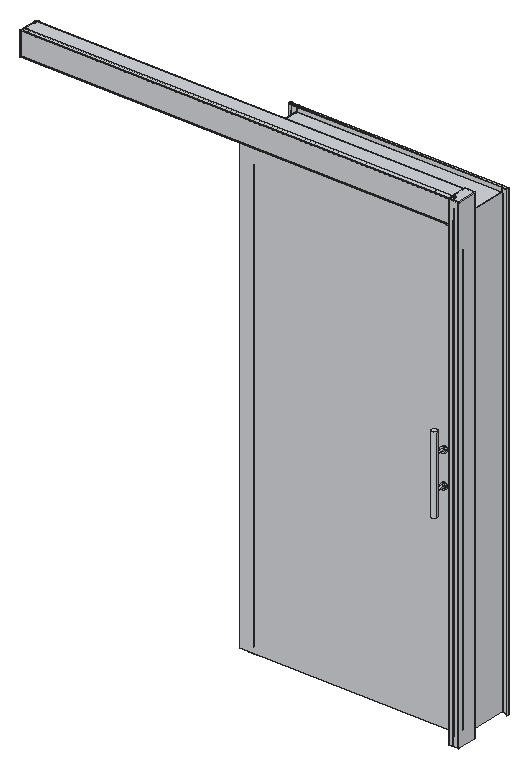
Revit family "R0000104", category Türen, Revit 2021 (continued)
Definition of nested family "JW-Türblatt-Schiebetürzargen_Modell-21"
  Forms (mm)
    Extrusion 1, solid, material <- "Material - Türblatt", detail levels medium+fine
      sketch origin (0, 0, 0) x (1, 0, 0) y (0, 1, 0)
        loop
          line (31, 130) -> (31, 88) -> (1016, 88) -> (1016, 130) -> (31, 130)
      from 9.5 to 2119.5
    Extrusion 2, void
      sketch origin (31, -12.856, 0) x (0, 1, 0) y (0, 0, 1)
        loop
          line (130.856, 45.5) -> (112.856, 45.5) -> (112.856, 9.5) -> (130.856, 9.5) -> (130.856, 45.5)
      from 1 to 984
    Extrusion 3, solid, material <- "Material - Türblatt", visible <- "Aufdopplung", detail levels fine
      sketch origin (0, 0, 0) x (1, 0, 0) y (0, 1, 0)
        loop
          line (736, 133) -> (736, 130) -> (776, 130) -> (776, 133) -> (736, 133)
      from 9.5 to 2119.5
  Cuts and joins
    Extrusion 2 cuts Extrusion 1
  Dimensions and locks
    "Türblattstärke": plane 5 to plane 6
    "Türblattabstand unten": plane 7 to plane 2
    "TAB Türblatt Außenmaß Breite": plane 3 to plane 4
    "TAH Türblatt Außenmaß Höhe": plane 8 to plane 7
    equal spacing: plane 5, plane 1, plane 6
    "Griffposition": plane 3 to plane 10 "Griff"
    "Türblattreferenz": plane 11 "LDB links" to plane 4
    "Aufdopplungstiefe": Extrusion 3 sketch curve to Extrusion 3 sketch curve
    "Aufdopplungsbreite": Extrusion 3 sketch curve to Extrusion 3 sketch curve
    "Aufdopplungslage": Extrusion 3 to plane 4
    "Griffhöhe": plane 9 to plane 7
    "Führungsnutbreite": Extrusion 2 sketch curve to Extrusion 2 sketch curve
    equal spacing: Extrusion 2 sketch curve, plane 1, Extrusion 2 sketch curve
    "Führungsnuttiefe": Extrusion 2 sketch curve to Extrusion 2 sketch curve
    "Bekleidung": plane 3 to plane 13
    "Bekleidung": plane 12 to plane 4
    aligned and locked: level to plane 2
    aligned and locked: Extrusion 1 sketch curve to plane 4
    aligned and locked: Extrusion 1 sketch curve to plane 5
    aligned and locked: Extrusion 1 sketch curve to plane 6
    aligned and locked: plane 3 to Extrusion 1 sketch curve
    aligned and locked: Extrusion 1 to plane 7
    aligned and locked: Extrusion 1 to plane 8
    aligned and locked: plane 5 to Extrusion 3 sketch curve
    aligned and locked: Extrusion 3 to plane 8
    aligned and locked: plane 7 to Extrusion 2 sketch curve
    aligned and locked: plane 6 to nested 1
    aligned and locked: plane 5 to nested 2
    aligned and locked: nested 2 to plane 10 "Griff"
    aligned and locked: nested 1 to plane 10 "Griff"
    aligned and locked: plane 9 to nested 2
    aligned and locked: plane 9 to nested 1
    aligned and locked: Extrusion 3 to plane 7
    aligned and locked: plane 12 to Extrusion 2
    aligned and locked: Extrusion 2 to plane 13
  Automatic sketch dimensions
    Extrusion 3 sketch curve to plane 10 "Griff" = 225 mm
  Nested families
    nested 1: "JW-Griffstange_Modell-21" at (961, 88, 1002.5), visible <- "Griffstange", type "JW-Griffstange_Modell-21", detail levels fine
      with Grifftiefe 46 mm
    nested 2: "JW-Griffstange_Modell-21" at (961, 130, 1002.5) x (-1, 0, 0) z (0, 0, 1), visible <- "Griffstange", type "JW-Griffstange_Modell-21", detail levels fine
      with Grifftiefe 46 mm
  Definition of nested family "JW-Griffstange_Modell-21"
    Parameters (values of type "JW-Griffstange_Modell-21")
      Default Elevation = 0 mm
      URL = "www.jeld-wen.de"
      Material - Türgriff = none
      Manufacturer = "JELD-WEN Deutschland GmbH & Co. KG"
      Griffradius = 12.5 mm
      Grifflänge = 350 mm
      Grifftiefe = 60 mm
      Model = ""
      Description = "Griffstange"
      Keynote = "JW Modell"
      Jeld-Wen Architektenberatung = "Tel.: +49 9082 71333; E-Mail: architekten@jeldwen.com"
      Jeld-Wen Mediaportal = "https://oxomi.com/p/2025099"
      Abstand = 150 mm
    Reference planes
      plane 1: y = 0
      plane 2: z = 0
      plane 3: x = 0
      plane 4: z = 75
      plane 5: z = -75
      plane 6: y = -60
      plane 7: z = 175
      plane 8: z = -175
    Forms (mm)
      Extrusion 1, solid, material <- "Material - Türgriff"
        sketch origin (0, 0, -30) x (1, 0, 0) y (0, 0, 1)
          loop
            circle (0, 105) r 12.5
          loop
            circle (0, -45) r 12.5
        from 0 to 10
      Extrusion 2, solid, material <- "Material - Türgriff"
        sketch origin (0, 0, 0) x (1, 0, 0) y (0, 1, 0)
          loop
            circle (0, -60) r 12.5
        from -175 to 175
      Extrusion 3, solid, material <- "Material - Türgriff"
        sketch origin (0, 0, 0) x (1, 0, 0) y (0, 0, 1)
          loop
            circle (0, 75) r 5
          loop
            circle (0, -75) r 5
        from 10 to 60
    Cuts and joins
      joined: Extrusion 1, Extrusion 2, Extrusion 3
    Dimensions and locks
      equal spacing: plane 4, plane 2, plane 5
      "Abstand": plane 4 to plane 5
      equal spacing: plane 7, plane 2, plane 8
      "Grifflänge": plane 7 to plane 8
      "Grifftiefe": plane 1 to plane 6
      "Griffradius": radius of Extrusion 2 sketch curve
      "Griffradius": radius of Extrusion 1 sketch curve  (x2)
      aligned and locked: Extrusion 2 to plane 8
      aligned and locked: plane 7 to Extrusion 2
      aligned and locked: plane 6 to Extrusion 3
      aligned and locked: Extrusion 3 to Extrusion 1
    Automatic sketch dimensions
      Extrusion 3 sketch curve to plane 3 = 0 mm  (x2)
      Extrusion 3 sketch curve to plane 5 = 0 mm
      Extrusion 3 sketch curve to plane 4 = 0 mm
      Extrusion 1 sketch curve to plane 3 = 0 mm  (x2)
      Extrusion 1 sketch curve to plane 5 = 0 mm
      Extrusion 1 sketch curve to plane 4 = 0 mm
      Extrusion 2 sketch curve to plane 3 = 0 mm
      plane 6 to Extrusion 2 sketch curve = 0 mm
      radius of Extrusion 3 sketch curve = 5 mm  (x2)
Definition of nested family "BOS-Info-Texte_Beschriftung-21"
  Parameters (values of type "Drückerhöhe Warnung")
    Unten = yes
    Schwarz = yes
    Rot = no
    Oben = no
    Info-Text En unten = "Please take the handle depth/height and/or DIN opening direction into account!"
    Info-Text De unten = "Drückertiefen/-höhen und/oder DIN Richtungen beachten/anpassen!"
    Info-Text En oben = "Kein Text"
    Englisch unten rot = and(and(Unten, Englisch), Rot)  # no
    Englisch unten schwarz = and(and(Unten, Englisch), Schwarz)  # no
    Englisch oben rot = and(and(Oben, Englisch), Rot)  # no
    Englisch oben schwarz = and(and(Oben, Englisch), Schwarz)  # no
    Info-Text De oben = "Kein Text"
    Warndreieck = yes
    Fehlerkreis = no
    Englisch = no
    Deutsch unten rot = and(and(Unten, Deutsch), Rot)  # no
    Deutsch unten schwarz = and(and(Unten, Deutsch), Schwarz)  # yes
    Deutsch oben rot = and(and(Oben, Deutsch), Rot)  # no
    Deutsch oben schwarz = and(and(Oben, Deutsch), Schwarz)  # no
    Deutsch = not(Englisch)  # yes
    Ausrufezeichen = "!"
  Types (15, lengths in mm): name | Unten | Schwarz | Rot | Oben | Info-Text En unten | Info-Text De unten | Info-Text En oben | Info-Text De oben | Warndreieck | Fehlerkreis | Deutsch unten schwarz | Deutsch oben rot | Deutsch oben schwarz
    Rechtliche Hinweise | no | yes | no | yes | "Kein Text" | "Kein Text" | "In accordance with the protection note according to DIN 34, the ownership and copyrights are reserved!\r\n© 2016 BOS GmbH, Emsdetten, Germany -\r\nObserve the ISO 16016 protective label (see ID data)!\r\n\r\nSubject to technical change!" | "Entsprechend dem Schutzvermerk nach DIN 34 behalten wir uns Eigentum und Urheberrecht vor!\r\n© 2016 BOS GmbH, Emsdetten, Deutschland -\r\nSchutzvermerk ISO 16016 beachten (siehe ID-Daten)!\r\n\r\nTechnische Änderungen vorbehalten!" | no | no | no | no | yes
    Maulweite Fehlermeldung | no | yes | no | yes | "Kein Text" | "Kein Text" | "Check the wall thickness!" | "Wandstärke prüfen!" | no | yes | no | no | yes
    Verstellbereich | no | yes | no | yes | "Kein Text" | "Kein Text" | "Adjustment area from -5 to +15mm,\r\nother adjustment areas possible" | "Verstellbereich von -5 bis +15mm\r\nanderer Verstellbereich möglich" | no | no | no | no | yes
    Verstellbereich wSvdW | no | yes | no | yes | "Kein Text" | "Kein Text" | "Adjustment area in the soffit from -2 to +15mm,\r\nother adjustment areas possible" | "Verstellbereich in der Zargenleibung von -2 bis +15mm\r\nanderer Verstellbereich möglich" | no | no | no | no | yes
    Wandartauswahl 15Nz15Z | no | yes | no | yes | "Kein Text" | "Kein Text" | "Attention for stud walls: underlay from site required!\r\nFor DIN door leaves, select larger structural wall measurements.\r\nFor selection \"stud walls\":\r\nsee 'Features' (remove tick for brick walls)" | "Achtung bei Ständerwerk: bauseitige Unterfütterung erforderlich!\r\nBei DIN-Türblatt Rohbaumaße größer wählen.\r\nFür Auswahl \"Ständerwerk\": \r\nsiehe 'Eigenschaften' (Häkchen entfernen bei Mauerwerk)." | no | no | no | no | yes
    Technische Hinweise | no | yes | no | yes | "Kein Text" | "Kein Text" | "Due to manufacturing reasons this Revit family may not be changed\r\nwithout consulting BOS!\r\n\r\nDo not mirror frames (door list)!\r\nsee ‘Features’: DIN left / DIN right\r\n\r\nThe solid and stud walls or, for example, their profiles,\r\nmust be designed so that they can reliably and sustainably\r\nabsorb the static and dynamic forces resulting\r\nfrom the load on the door element used." | "Diese Revit-Familie darf aus fertigungstechnischen Gründen\r\nnicht ohne Rücksprache mit BOS abgeändert werden!\r\n\r\nZargen nicht spiegeln (Türliste)!\r\nsiehe 'Eigenschaften': DIN links / DIN rechts\r\n\r\nDie Massiv- und Ständerwerkswände bzw. deren Profile\r\nmüssen so ausgebildet sein, dass sie die statischen\r\nund dynamischen Kräfte, welche sich aus der Belastung\r\ndes verwendeten Türelements ergeben, zuverlässig\r\nund nachhaltig aufnehmen können." | no | no | no | no | yes
    Drückerhöhe Warnung | yes | yes | no | no | "Please take the handle depth/height and/or DIN opening direction into account!" | "Drückertiefen/-höhen und/oder DIN Richtungen beachten/anpassen!" | "Kein Text" | "Kein Text" | yes | no | yes | no | no
    Maulweite-Dehnungsfuge Fehlermeldung | no | yes | no | yes | "Kein Text" | "Kein Text" | "Check the wall thickness and/or expansion joint!" | "Wandstärke und/oder Dehnungsfuge prüfen!" | no | yes | no | no | yes
    Technische Hinweise Norm | no | yes | no | yes | "Kein Text" | "Kein Text" | "Due to manufacturing reasons this Revit family may not be changed\r\nwithout consulting BOS!\r\n\r\nThe solid and stud walls or, for example, their profiles,\r\nmust be designed so that they can reliably and sustainably\r\nabsorb the static and dynamic forces resulting\r\nfrom the load on the door element used." | "Diese Revit-Familie darf aus fertigungstechnischen Gründen\r\nnicht ohne Rücksprache mit BOS abgeändert werden!\r\n\r\nDie Massiv- und Ständerwerkswände bzw. deren Profile\r\nmüssen so ausgebildet sein, dass sie die statischen\r\nund dynamischen Kräfte, welche sich aus der Belastung\r\ndes verwendeten Türelements ergeben, zuverlässig\r\nund nachhaltig aufnehmen können." | no | no | no | no | yes
    Maßauswahl | no | no | yes | yes | "Kein Text" | "Kein Text" | "To choose  Rebate Width/Height Measurement, Receiving Opening\r\nsee 'Features'" | "Auswahl von FMB, FMH, MW\r\nunter 'Eigenschaften'" | no | no | no | yes | no
    Rohbaumaß Warnung (Spiegelbreiten) | no | yes | no | yes | "Kein Text" | "Kein Text" | "For DIN door leaves, select larger structural wall measurements!\r\nWhen changing the architrave widths, the structural measurements change accordingly." | "Bei DIN-Türblatt Rohbaumaße größer wählen!\r\nBei Änderung der Spiegelbreiten, Rohbaumaße beachten." | no | no | no | no | yes
    Drehpunkt Warnung | no | yes | no | yes | "Kein Text" | "Kein Text" | "The actual pivot point of the door leaf\r\nmay differ from the one illustrated!" | "Der tatsächliche Drehpunkt des Türblattes\r\nkann von der Darstellung abweichen!" | no | no | no | no | yes
    Türblattgewicht Hinweis | no | yes | no | yes | "Kein Text" | "Kein Text" | "Attention! Take door leaf weight into account!\r\nSee Webseite" | "Achtung! Türblattgewicht beachten!\r\nSiehe Webseite" | no | no | no | no | yes
    Pendeltürbänder Hinweis | no | yes | no | yes | "Kein Text" | "Kein Text" | "Please observe the instructions for the double action spring hinges\r\ngiven by the door hinge manufacturer Frivado\r\nregarding door leaf width, height and thickness!" | "Die Angaben zu den Pendeltürbändern\r\ndes Herstellers Fridavo beachten: zu \r\nTürblattbreite, -höhe, -dicke und -gewicht!" | no | no | no | no | yes
    Rohbaumaß Warnung | no | yes | no | yes | "Kein Text" | "Kein Text" | "For DIN door leaves, select larger structural wall measurements!" | "Bei DIN-Türblatt Rohbaumaße größer wählen!" | no | no | no | no | yes
  Reference planes
    plane 1: y = 0.955
    plane 2: x = 0
  Lines and regions (mm)
    Filled region 1, type "Gefüllter Bereich Gelb", visible <- "Warndreieck"
      outline origin (-7.188, 1.747, 0) x (1, 0, 0) y (0, 1, 0)
        loop
          line (5.951, -3.033) -> (8.413, -3.033) -> (7.182, -0.9) -> (5.951, -3.033)
    Filled region 2, type "Gefüllter Bereich Rot", visible <- "Fehlerkreis"
      outline origin (0, -3.763, 0) x (1, 0, 0) y (0, 1, 0)
        loop
          circle (0, 3.1) r 1.5
        loop
          line (-0.937, 3.486) -> (-0.937, 2.686) -> (1.023, 2.686) -> (1.023, 3.486) -> (-0.937, 3.486)
    Filled region 3, type "Gefüllter Bereich Weiss", visible <- "Fehlerkreis"
      outline origin (-7.014, -2.062, 0) x (1, 0, 0) y (0, 1, 0)
        loop
          line (6.077, 1.785) -> (6.077, 0.985) -> (8.038, 0.985) -> (8.038, 1.785) -> (6.077, 1.785)
  Text (mm)
    label "Info-Text De oben schwarz" at (0.065, 1.415, 0), shows "Info-Text De oben", visible <- "Deutsch oben schwarz"
    label "!" at (0.065, -0.414, 0), shows "Ausrufezeichen", visible <- "Warndreieck"
    label "Info-Text En oben schwarz" at (0.065, 1.415, 0), shows "Info-Text En oben", visible <- "Englisch oben schwarz"
    label "Info-Text De unten schwarz" at (0.218, -2.468, 0), shows "Info-Text De unten", visible <- "Deutsch unten schwarz"
    label "Info-Text En unten schwarz" at (0.065, -2.419, 0), shows "Info-Text En unten", visible <- "Englisch unten schwarz"
    label "Info-Text En oben rot" at (0.065, 1.415, 0), shows "Info-Text En oben", visible <- "Englisch oben rot"
    label "Info-Text En unten rot" at (0.065, -2.419, 0), shows "Info-Text En unten", visible <- "Englisch unten rot"
    label "Info-Text De unten rot" at (0.065, -2.419, 0), shows "Info-Text De unten", visible <- "Deutsch unten rot"
    label "Info-Text De oben rot" at (-0.371, 1.396, 0), shows "Info-Text De oben", visible <- "Deutsch oben rot"
Definition of nested family "BOS-Logo_Modell-21"
  Parameters (values of type "BOS-Logo_Modell-21")
    Default Elevation = 0 mm
    URL = "www.BestOfSteel.de"
    Rechtliche Hinweise = "www.BestOfSteel.de/tools-downloads/bim-building-information-modeling/"
    Description = "BOS Logo"
    Keynote = "BOS Logo"
    BOS-Architekten-Beratung = "Tel.: +49 (0) 2572 203-203; E-Mail: architekten@BestOfSteel.de"
    Technische Infos rund um die Stahlzarge = "www.BestOfSteel.de/tools-downloads/technische-infos-rund-um-die-stahlzarge/"
    Abstand vertikal = 10 mm
    Abstand horizontal = 8.5 mm
  Reference planes
    plane 1: y = 0
    plane 2: z = 0
    plane 3: x = 0
    plane 4: x = -7
    plane 5: x = 7
    plane 6: y = 8.299
    plane 7: x = 8.5
    plane 8: y = 4.15
    plane 9: x = -8.5
    plane 10: y = 14.15
    plane 11: y = -5.85
  Dimensions and locks
    plane 4 to plane 3 to plane 5 = 7 mm, 7 mm
    "Abstand vertikal": plane 11 to plane 8 to plane 10
    plane 6 to plane 8 to plane 1 = 4.15 mm, 4.15 mm
    "Abstand horizontal": plane 9 to plane 3
    "Abstand horizontal": plane 3 to plane 7
    aligned and locked: level to plane 2
Definition of nested family "BOS-loser-Nagelanker-SvdW-D(SK2)_Detail-21"
  Parameters (values of type "BOS loser Nagelanker links SvdW-D(SK2)")
    URL = "www.BestOfSteel.de"
    Rechtliche Hinweise = "www.BestOfSteel.de/tools-downloads/bim-building-information-modeling/"
    Nagelanker vorne = yes
    MW Maulweite = 200 mm
    BOS-Architekten-Beratung = "Tel.: +49 (0) 2572 203-203; E-Mail: architekten@BestOfSteel.de"
    Technische Infos rund um die Stahlzarge = "www.BestOfSteel.de/tools-downloads/technische-infos-rund-um-die-stahlzarge/"
    Manufacturer = "BOS GmbH Best Of Steel, Lütkenfelde 4, D-48282 Emsdetten"
    Einfügepunkt = 37 mm
    Blechstärke = 1.5 mm
    Description = "loser Nagelanker für LineaOutside"
    Keynote = "BOS Detail"
    Abstandwinkel vorne = not(Nagelanker vorne)  # no
  Types (2, lengths in mm): name | Nagelanker vorne | Abstandwinkel vorne
    BOS loser Nagelanker rechts SvdW-D(SK2) | no | yes
    BOS loser Nagelanker links SvdW-D(SK2) | yes | no
  Reference planes
    plane 1: z = 0
    plane 2: y = 150
    plane 3: x = -15
    plane 4: y = -50
    plane 5: y = 135
    plane 6: x = 20.5
    plane 7: x = -135
    plane 8: x = 22
    plane 9: x = -10
    plane 10: y = 50
    plane 11: y = -35
  Lines and regions (mm)
    detail lines, in view "Ref.-Ebene"
      curve 1: line (-135, 135, 0) -> (-10, 135, 0)
      curve 2: line (-10, 135, 0) -> (-10, -35, 0)
      curve 3: line (-10, -35, 0) -> (-135, -35, 0)
      curve 4: line (-15, 135, 0) -> (-15, -35, 0)
      curve 58: arc (-19.202, 135, 0) -> (-18.228, 135.12, 0) -> (-17.313, 135.474, 0) r 4
      curve 59: arc (-3.947, 145.443, 0) -> (-4.914, 145.337, 0) -> (-5.836, 145.026, 0) r 4.486
      curve 60: arc (15.664, 142.5, 0) -> (20.572, 146.685, 0) -> (17.215, 152.192, 0) r 4.97
      curve 61: arc (15.664, 145.443, 0) -> (17.65, 147.062, 0) -> (16.465, 149.333, 0) r 2.027
      curve 62: arc (7.685, 153.348, 0) -> (10.047, 151.387, 0) -> (12.882, 150.207, 0) r 10.319
      curve 63: line (-4.198, 142.5, 0) -> (-17.313, 135.474, 0)
      curve 64: line (-5.836, 145.026, 0) -> (-18.951, 138, 0)
      curve 65: line (-18.951, 138, 0) -> (-84.231, 138, 0)
      curve 66: line (17.215, 152.192, 0) -> (-6.189, 158.2, 0)
      curve 67: line (-6.189, 158.2, 0) -> (-6.5, 156.989, 0)
      curve 68: line (12.882, 150.207, 0) -> (16.465, 149.333, 0)
      curve 69: line (15.664, 142.5, 0) -> (-4.198, 142.5, 0)
      curve 70: line (15.664, 145.443, 0) -> (-3.947, 145.443, 0)
      curve 71: line (-19.202, 135, 0) -> (-104.365, 135, 0)
      curve 72: arc (-89.72, 136.25, 0) -> (-87.104, 137.529, 0) -> (-84.231, 138, 0) r 9.994
      curve 73: line (-104.365, 135, 0) -> (-104.365, 136.25, 0)
      curve 75: arc (-19.202, 136.25, 0) -> (-18.532, 136.333, 0) -> (-17.903, 136.576, 0) r 2.75
      curve 76: arc (-3.947, 143.75, 0) -> (-4.495, 143.682, 0) -> (-5.009, 143.483, 0) r 2.25
      curve 77: arc (15.488, 143.75, 0) -> (19.175, 146.813, 0) -> (16.839, 150.998, 0) r 3.75
      curve 78: line (-19.202, 136.25, 0) -> (-104.365, 136.25, 0)
      curve 79: line (-5.009, 143.483, 0) -> (-17.903, 136.576, 0)
      curve 80: line (-23.512, 136.25, 0) -> (-23.512, 135, 0)
      curve 81: line (-6.5, 156.989, 0) -> (16.839, 150.998, 0)
      curve 82: line (15.488, 143.75, 0) -> (-3.947, 143.75, 0)
    detail lines, in view "Ref.-Ebene", visible <- "Abstandwinkel vorne"
      curve 5: arc (20.5, -46, 0) -> (19.328, -48.828, 0) -> (16.5, -50, 0) r 4
      curve 6: arc (17.5, -46, 0) -> (17.207, -46.707, 0) -> (16.5, -47, 0) r 1
      curve 7: arc (15.5, -36, 0) -> (16.207, -36.293, 0) -> (16.5, -37, 0) r 1
      curve 8: arc (15.5, -35, 0) -> (16.914, -35.586, 0) -> (17.5, -37, 0) r 2
      curve 9: line (15.5, -35, 0) -> (-107.5, -35, 0)
      curve 10: line (16.5, -50, 0) -> (0.5, -50, 0)
      curve 11: line (0.5, -50, 0) -> (0.5, -47, 0)
      curve 12: line (0.5, -47, 0) -> (16.5, -47, 0)
      curve 13: line (15.5, -36, 0) -> (-107.5, -36, 0)
      curve 14: line (16.5, -37, 0) -> (16.5, -46, 0)
      curve 15: line (16.5, -46, 0) -> (17.5, -46, 0)
      curve 16: line (17.5, -46, 0) -> (17.5, -15, 0)
      curve 17: line (17.5, -15, 0) -> (20.5, -15, 0)
      curve 18: line (20.5, -15, 0) -> (20.5, -46, 0)
      curve 83: line (-107.5, -35, 0) -> (-107.5, -36, 0)
    detail lines, in view "Ref.-Ebene", visible <- "Abstandwinkel vorne", not visible
      curve 19: arc (130.325, 97.294, 0) -> (129.153, 94.466, 0) -> (126.325, 93.294, 0) r 4
      curve 20: arc (127.325, 97.294, 0) -> (127.032, 96.587, 0) -> (126.325, 96.294, 0) r 1
      curve 21: arc (125.325, 107.294, 0) -> (126.032, 107.001, 0) -> (126.325, 106.294, 0) r 1
      curve 22: arc (125.325, 108.294, 0) -> (126.739, 107.708, 0) -> (127.325, 106.294, 0) r 2
      curve 23: line (125.325, 108.294, 0) -> (2.325, 108.294, 0)
      curve 24: line (126.325, 93.294, 0) -> (110.325, 93.294, 0)
      curve 25: line (110.325, 93.294, 0) -> (110.325, 96.294, 0)
      curve 26: line (110.325, 96.294, 0) -> (126.325, 96.294, 0)
      curve 27: line (125.325, 107.294, 0) -> (2.325, 107.294, 0)
      curve 28: line (126.325, 106.294, 0) -> (126.325, 97.294, 0)
      curve 29: line (126.325, 97.294, 0) -> (127.325, 97.294, 0)
      curve 30: line (127.325, 97.294, 0) -> (127.325, 128.294, 0)
      curve 31: line (127.325, 128.294, 0) -> (130.325, 128.294, 0)
      curve 32: line (130.325, 128.294, 0) -> (130.325, 97.294, 0)
      curve 84: line (2.325, 108.294, 0) -> (2.325, 107.294, 0)
    detail lines, in view "Ref.-Ebene", not visible
      curve 33: arc (-156.874, -155.441, 0) -> (-155.9, -155.562, 0) -> (-154.985, -155.915, 0) r 4
      curve 34: arc (-141.619, -165.884, 0) -> (-142.586, -165.779, 0) -> (-143.507, -165.467, 0) r 4.486
      curve 35: arc (-122.007, -162.941, 0) -> (-117.1, -167.126, 0) -> (-120.456, -172.633, 0) r 4.97
      curve 36: arc (-122.007, -165.884, 0) -> (-120.022, -167.503, 0) -> (-121.207, -169.774, 0) r 2.027
      curve 37: arc (-129.986, -173.789, 0) -> (-127.624, -171.828, 0) -> (-124.79, -170.648, 0) r 10.319
      curve 38: line (-141.87, -162.941, 0) -> (-154.985, -155.915, 0)
      curve 39: line (-143.507, -165.467, 0) -> (-156.623, -158.441, 0)
      curve 40: line (-156.623, -158.441, 0) -> (-221.903, -158.441, 0)
      curve 41: line (-120.456, -172.633, 0) -> (-143.861, -178.641, 0)
      curve 42: line (-143.861, -178.641, 0) -> (-144.172, -177.43, 0)
      curve 43: line (-124.79, -170.648, 0) -> (-121.207, -169.774, 0)
      curve 44: line (-122.007, -162.941, 0) -> (-141.87, -162.941, 0)
      curve 45: line (-122.007, -165.884, 0) -> (-141.619, -165.884, 0)
      curve 46: line (-156.874, -155.441, 0) -> (-242.036, -155.441, 0)
      curve 47: arc (-227.391, -156.691, 0) -> (-224.776, -157.97, 0) -> (-221.903, -158.441, 0) r 9.994
      curve 48: line (-242.036, -155.441, 0) -> (-242.036, -156.691, 0)
      curve 50: arc (-156.874, -156.691, 0) -> (-156.204, -156.774, 0) -> (-155.575, -157.017, 0) r 2.75
      curve 51: arc (-141.619, -164.191, 0) -> (-142.166, -164.123, 0) -> (-142.681, -163.925, 0) r 2.25
      curve 52: arc (-122.183, -164.191, 0) -> (-118.497, -167.254, 0) -> (-120.833, -171.44, 0) r 3.75
      curve 53: line (-156.874, -156.691, 0) -> (-242.036, -156.691, 0)
      curve 54: line (-142.681, -163.925, 0) -> (-155.575, -157.017, 0)
      curve 55: line (-161.183, -156.691, 0) -> (-161.183, -155.441, 0)
      curve 56: line (-144.172, -177.43, 0) -> (-120.833, -171.44, 0)
      curve 57: line (-122.183, -164.191, 0) -> (-141.619, -164.191, 0)
    reference lines, in view "Ref.-Ebene", not visible
      curve 49: line (-117.172, -159.474, 0) -> (-117.172, -179.474, 0)
      curve 134: line (-107.172, -159.474, 0) -> (-107.172, -179.474, 0)
    reference lines, in view "Ref.-Ebene"
      curve 74: line (20.5, 139.033, 0) -> (20.5, 159.033, 0)
      curve 133: line (20.5, -39.033, 0) -> (20.5, -59.033, 0)
    detail lines, in view "Ref.-Ebene", visible <- "Nagelanker vorne"
      curve 85: arc (-29.202, -35, 0) -> (-28.228, -35.12, 0) -> (-27.313, -35.474, 0) r 4
      curve 86: arc (-13.947, -45.443, 0) -> (-14.914, -45.337, 0) -> (-15.836, -45.026, 0) r 4.486
      curve 87: arc (5.664, -42.5, 0) -> (10.572, -46.685, 0) -> (7.215, -52.192, 0) r 4.97
      curve 88: arc (5.664, -45.443, 0) -> (7.65, -47.062, 0) -> (6.465, -49.333, 0) r 2.027
      curve 89: arc (-2.315, -53.348, 0) -> (0.047, -51.387, 0) -> (2.882, -50.207, 0) r 10.319
      curve 90: line (-14.198, -42.5, 0) -> (-27.313, -35.474, 0)
      curve 91: line (-15.836, -45.026, 0) -> (-28.951, -38, 0)
      curve 92: line (-28.951, -38, 0) -> (-94.231, -38, 0)
      curve 93: line (7.215, -52.192, 0) -> (-16.189, -58.2, 0)
      curve 94: line (-16.189, -58.2, 0) -> (-16.5, -56.989, 0)
      curve 95: line (2.882, -50.207, 0) -> (6.465, -49.333, 0)
      curve 96: line (5.664, -42.5, 0) -> (-14.198, -42.5, 0)
      curve 97: line (5.664, -45.443, 0) -> (-13.947, -45.443, 0)
      curve 98: line (-29.202, -35, 0) -> (-114.365, -35, 0)
      curve 99: arc (-99.72, -36.25, 0) -> (-97.104, -37.529, 0) -> (-94.231, -38, 0) r 9.994
      curve 100: line (-114.365, -35, 0) -> (-114.365, -36.25, 0)
      curve 101: arc (-29.202, -36.25, 0) -> (-28.532, -36.333, 0) -> (-27.903, -36.576, 0) r 2.75
      curve 102: arc (-13.947, -43.75, 0) -> (-14.495, -43.682, 0) -> (-15.009, -43.483, 0) r 2.25
      curve 103: arc (5.488, -43.75, 0) -> (9.175, -46.813, 0) -> (6.839, -50.998, 0) r 3.75
      curve 104: line (-29.202, -36.25, 0) -> (-114.365, -36.25, 0)
      curve 105: line (-15.009, -43.483, 0) -> (-27.903, -36.576, 0)
      curve 106: line (-33.512, -36.25, 0) -> (-33.512, -35, 0)
      curve 107: line (-16.5, -56.989, 0) -> (6.839, -50.998, 0)
      curve 108: line (5.488, -43.75, 0) -> (-13.947, -43.75, 0)
    detail lines, in view "Ref.-Ebene", visible <- "Nagelanker vorne", not visible
      curve 109: arc (-156.874, -155.441, 0) -> (-155.9, -155.562, 0) -> (-154.985, -155.915, 0) r 4
      curve 110: arc (-141.619, -165.884, 0) -> (-142.586, -165.779, 0) -> (-143.507, -165.467, 0) r 4.486
      curve 111: arc (-122.007, -162.941, 0) -> (-117.1, -167.126, 0) -> (-120.456, -172.633, 0) r 4.97
      curve 112: arc (-122.007, -165.884, 0) -> (-120.022, -167.503, 0) -> (-121.207, -169.774, 0) r 2.027
      curve 113: arc (-129.986, -173.789, 0) -> (-127.624, -171.828, 0) -> (-124.79, -170.648, 0) r 10.319
      curve 114: line (-141.87, -162.941, 0) -> (-154.985, -155.915, 0)
      curve 115: line (-143.507, -165.467, 0) -> (-156.623, -158.441, 0)
      curve 116: line (-156.623, -158.441, 0) -> (-221.903, -158.441, 0)
      curve 117: line (-120.456, -172.633, 0) -> (-143.861, -178.641, 0)
      curve 118: line (-143.861, -178.641, 0) -> (-144.172, -177.43, 0)
      curve 119: line (-124.79, -170.648, 0) -> (-121.207, -169.774, 0)
      curve 120: line (-122.007, -162.941, 0) -> (-141.87, -162.941, 0)
      curve 121: line (-122.007, -165.884, 0) -> (-141.619, -165.884, 0)
      curve 122: line (-156.874, -155.441, 0) -> (-242.036, -155.441, 0)
      curve 123: arc (-227.391, -156.691, 0) -> (-224.776, -157.97, 0) -> (-221.903, -158.441, 0) r 9.994
      curve 124: line (-242.036, -155.441, 0) -> (-242.036, -156.691, 0)
      curve 125: arc (-156.874, -156.691, 0) -> (-156.204, -156.774, 0) -> (-155.575, -157.017, 0) r 2.75
      curve 126: arc (-141.619, -164.191, 0) -> (-142.166, -164.123, 0) -> (-142.681, -163.925, 0) r 2.25
      curve 127: arc (-122.183, -164.191, 0) -> (-118.497, -167.254, 0) -> (-120.833, -171.44, 0) r 3.75
      curve 128: line (-156.874, -156.691, 0) -> (-242.036, -156.691, 0)
      curve 129: line (-142.681, -163.925, 0) -> (-155.575, -157.017, 0)
      curve 130: line (-161.183, -156.691, 0) -> (-161.183, -155.441, 0)
      curve 131: line (-144.172, -177.43, 0) -> (-120.833, -171.44, 0)
      curve 132: line (-122.183, -164.191, 0) -> (-141.619, -164.191, 0)
  Dimensions and locks
    plane 2 to plane 5 = 15 mm
    plane 7 to plane 3 = 120 mm
    "Blechstärke": plane 6 to plane 8
    "Einfügepunkt": plane 3 to plane 8
    plane 3 to plane 9 = 5 mm
    plane 11 to plane 4 = 15 mm
    "MW Maulweite": plane 2 to plane 4
    equal spacing: plane 2, plane 10, plane 4
    aligned and locked: curve 71 to plane 5
    aligned and locked: curve 18 to plane 6
    aligned and locked: plane 4 to curve 10
    aligned and locked: plane 11 to curve 98
    aligned and locked: curve 9 to curve 3
    aligned and locked: curve 133 to plane 6
    aligned and locked: plane 6 to curve 74
  Automatic sketch dimensions
    curve 35 to curve 36 = 0 mm  (x4)
    curve 48 to curve 40 = 20.134 mm
    curve 40 to curve 47 = 0.163 mm
    curve 40 to curve 53 = 65.029 mm
    curve 33 to curve 39 = 0.251 mm
    curve 50 to curve 54 = 1.299 mm
    curve 54 to curve 38 = 0.59 mm
    curve 33 to curve 42 = 12.702 mm
    curve 42 to curve 42 = 0.311 mm
    curve 42 to curve 39 = 0.664 mm
    curve 39 to curve 54 = 0.826 mm
    curve 54 to curve 38 = 0.812 mm
    curve 38 to curve 34 = 0.251 mm
    curve 51 to curve 34 = 0 mm
    curve 34 to curve 43 = 16.829 mm
    curve 43 to curve 37 = 2.503 mm
    curve 37 to curve 57 = 2.606 mm
    curve 52 to curve 45 = 0.176 mm
    curve 35 to curve 43 = 0.8 mm
    curve 36 to curve 56 = 0.374 mm
    curve 52 to curve 41 = 0.377 mm
    curve 48 to curve 47 = 6.993 mm
    curve 38 to curve 33 = 0.474 mm
    curve 53 to curve 33 = 1.25 mm
    curve 34 to curve 38 = 5.482 mm
    curve 51 to curve 34 = 0.544 mm
    curve 44 to curve 51 = 1 mm
    curve 54 to curve 38 = 0.983 mm
    curve 39 to curve 51 = 1.543 mm
    curve 35 to curve 45 = 2.027 mm
    curve 52 to curve 35 = 0.03 mm
    curve 43 to curve 36 = 0.874 mm
    curve 37 to curve 35 = 8.026 mm
    curve 47 to curve 47 = 5.489 mm
    curve 55 to curve 33 = 4.31 mm
    curve 33 to curve 50 = 0 mm  (x4)
    curve 49 to curve 49 = 20 mm
    curve 60 to curve 61 = 0 mm  (x4)
    curve 73 to curve 65 = 20.134 mm
    curve 65 to curve 72 = 0.163 mm
    curve 65 to curve 78 = 65.029 mm
    curve 58 to curve 64 = 0.251 mm
    curve 75 to curve 79 = 1.299 mm
    curve 79 to curve 63 = 0.59 mm
    curve 58 to curve 67 = 12.702 mm
    curve 67 to curve 67 = 0.311 mm
    curve 67 to curve 64 = 0.664 mm
    curve 64 to curve 79 = 0.826 mm
    curve 79 to curve 63 = 0.812 mm
    curve 63 to curve 59 = 0.251 mm
    curve 76 to curve 59 = 0 mm
    curve 59 to curve 68 = 16.829 mm
    curve 68 to curve 62 = 2.503 mm
    curve 62 to curve 82 = 2.606 mm
    curve 77 to curve 70 = 0.176 mm
    curve 60 to curve 68 = 0.8 mm
    curve 61 to curve 81 = 0.374 mm
    curve 77 to curve 66 = 0.377 mm
    curve 72 to curve 73 = 6.993 mm
    curve 58 to curve 63 = 0.474 mm
    curve 58 to curve 78 = 1.25 mm
    curve 63 to curve 59 = 5.482 mm
    curve 59 to curve 76 = 0.544 mm
    curve 76 to curve 69 = 1 mm
    curve 63 to curve 79 = 0.983 mm
    curve 76 to curve 64 = 1.543 mm
    curve 70 to curve 60 = 2.027 mm
    curve 60 to curve 77 = 0.03 mm
    curve 61 to curve 68 = 0.874 mm
    curve 60 to curve 62 = 8.026 mm
    curve 72 to curve 72 = 5.489 mm
    curve 80 to curve 58 = 4.31 mm
    curve 58 to curve 75 = 0 mm  (x4)
    curve 74 to curve 74 = 20 mm
    curve 5 to curve 6 = 0 mm  (x4)
    curve 7 to curve 8 = 0 mm  (x4)
    curve 83 to curve 11 = 108 mm
    curve 11 to curve 8 = 15 mm
    curve 7 to curve 10 = 1 mm
    curve 15 to curve 5 = 0 mm
    curve 5 to curve 15 = 1 mm
    curve 15 to curve 18 = 3 mm
    curve 5 to curve 7 = 9 mm
    curve 9 to curve 18 = 20 mm
    curve 19 to curve 20 = 0 mm  (x4)
    curve 21 to curve 22 = 0 mm  (x4)
    curve 84 to curve 25 = 108 mm
    curve 25 to curve 22 = 15 mm
    curve 21 to curve 24 = 1 mm
    curve 29 to curve 19 = 0 mm
    curve 19 to curve 29 = 1 mm
    curve 29 to curve 32 = 3 mm
    curve 19 to curve 21 = 9 mm
    curve 23 to curve 32 = 20 mm
    curve 85 to curve 101 = 0 mm  (x2)
    curve 87 to curve 88 = 0 mm  (x2)
    curve 100 to curve 92 = 20.134 mm
    curve 92 to curve 99 = 0.163 mm
    curve 92 to curve 85 = 65.029 mm
    curve 101 to curve 91 = 0.251 mm
    curve 104 to curve 105 = 1.299 mm
    curve 101 to curve 90 = 0.59 mm
    curve 85 to curve 107 = 12.702 mm
    curve 94 to curve 93 = 0.311 mm
    curve 94 to curve 91 = 0.664 mm
    curve 91 to curve 105 = 0.826 mm
    curve 102 to curve 90 = 0.812 mm
    curve 86 to curve 97 = 1.889 mm
    curve 102 to curve 108 = 1.062 mm
    curve 97 to curve 95 = 16.829 mm
    curve 89 to curve 89 = 2.503 mm
    curve 89 to curve 108 = 2.606 mm
    curve 103 to curve 87 = 0.176 mm
    curve 87 to curve 95 = 0.8 mm
    curve 88 to curve 107 = 0.374 mm
    curve 103 to curve 93 = 0.377 mm
    curve 89 to curve 93 = 2.019 mm
    curve 93 to curve 94 = 1.211 mm
    curve 107 to curve 95 = 0.791 mm
    curve 103 to curve 95 = 1.666 mm
    curve 95 to curve 103 = 1.833 mm
    curve 103 to curve 87 = 0.03 mm
    curve 86 to curve 91 = 0.417 mm
    curve 102 to curve 105 = 0.267 mm
    curve 86 to curve 101 = 6.026 mm
    curve 101 to curve 92 = 1 mm
    curve 91 to curve 105 = 1.424 mm
    curve 101 to curve 90 = 1.102 mm
    curve 99 to curve 99 = 8.243 mm
    curve 106 to curve 104 = 4.31 mm
    curve 109 to curve 125 = 0 mm  (x2)
    curve 111 to curve 112 = 0 mm  (x2)
    curve 124 to curve 116 = 20.134 mm
    curve 116 to curve 123 = 0.163 mm
    curve 116 to curve 109 = 65.029 mm
    curve 125 to curve 115 = 0.251 mm
    curve 128 to curve 129 = 1.299 mm
    curve 125 to curve 114 = 0.59 mm
    curve 109 to curve 131 = 12.702 mm
    curve 118 to curve 117 = 0.311 mm
    curve 118 to curve 115 = 0.664 mm
    curve 115 to curve 129 = 0.826 mm
    curve 126 to curve 114 = 0.812 mm
    curve 110 to curve 121 = 1.889 mm
    curve 126 to curve 132 = 1.062 mm
    curve 121 to curve 119 = 16.829 mm
    curve 113 to curve 113 = 2.503 mm
    curve 113 to curve 132 = 2.606 mm
    curve 127 to curve 111 = 0.176 mm
    curve 111 to curve 119 = 0.8 mm
    curve 112 to curve 131 = 0.374 mm
    curve 127 to curve 117 = 0.377 mm
    curve 113 to curve 117 = 2.019 mm
    curve 117 to curve 118 = 1.211 mm
    curve 131 to curve 119 = 0.791 mm
    curve 127 to curve 119 = 1.666 mm
    curve 119 to curve 127 = 1.833 mm
    curve 127 to curve 111 = 0.03 mm
    curve 110 to curve 115 = 0.417 mm
    curve 126 to curve 129 = 0.267 mm
    curve 110 to curve 125 = 6.026 mm
    curve 125 to curve 116 = 1 mm
    curve 115 to curve 129 = 1.424 mm
    curve 125 to curve 114 = 1.102 mm
    curve 123 to curve 123 = 8.243 mm
    curve 130 to curve 128 = 4.31 mm
    curve 3 to plane 7 = 0 mm
    plane 5 to curve 1 = 0 mm
    curve 1 to plane 7 = 0 mm
    curve 4 to plane 3 = 0 mm
    curve 3 to plane 9 = 0 mm
    curve 133 to curve 133 = 20 mm
    curve 134 to curve 134 = 20 mm
